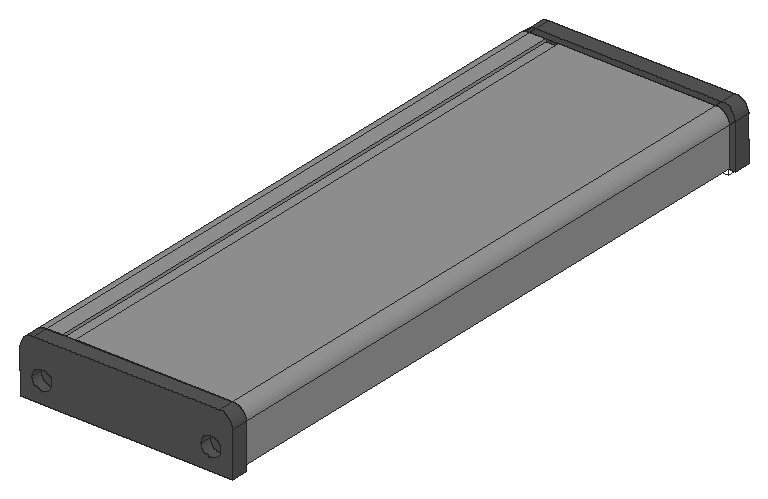
Revit family "JC KONTAKTER JCK267 FI", category Specialty Equipment, host Face, Revit 2025
Family settings
  Host = Face
  Round Connector Dimension = Use Diameter
  Part Type = Normal
  Enable Cutting in Views = Yes
  Cut with Voids When Loaded = No
  Maintain Annotation Orientation = Yes
  Shared = No
  Room Calculation Point = No
Parameters (values of type "JCK267")
  Valmistusmaa = "Ruotsi"
  URL = "https://www.jckontakter.fi/produkt/kyynarkytkin/kyynarkytkin-metalli/kyynarkytkin-jck267/"
  Tuotteen paino = "0.310 kg"
  Tekniken tuotekortti = "https://www.jckontakter.fi/wp-content/uploads/sites/4/Tekninen-tuotekortti_JCK267_FI-1.pdf"
  Päätypäät = POM Tenac C 4520
  Pienin nimellisvirta = "1mA/4 V DC"
  Nimellisestä nimellisvirrasta = "12 V Resitiivinen 6A Induktiivinen L/R 5 ms 6A, 24 V Resistiivinen 6A Induktiivinen L/R 5 ms 5A"
  Model = "JCK267"
  Mikrokytkin = "Standar NO IP67"
  Mikrokytkimien määrä = 2
  Manufacturer = "JC Kontakter"
  Linssi = Akryyli
  Kansi = Aluminum ENAW 6060
  Description = "Moderni kyynärpääkytkin, joka on varustettu ohjaavalla LED-valolla. Valmistettu mustasta eloksoidusta alumiinista mustalla päätykappaleella."
  Default Elevation = 800 mm
  Kotelo = Aluminum ENAW 6060
  CE asiakirja = "https://jckontakter.se/wp-content/uploads/CE_Dokument.pdf"
Reference planes
  plane 1 "Center (Front/Back)": y = 0
  plane 2: z = 0
  plane 3 "Center (Left/Right)": x = 0
  plane 4 "A": y = -122.5
Lines and regions (mm)
  symbolic lines
    curve 1: line (-50, 0, 50) -> (50, 0, 50)
    curve 2: line (-50, 0, 0) -> (-50, 0, 50)
    curve 3: line (50, 0, 0) -> (-50, 0, 0)
    curve 4: line (50, 0, 50) -> (50, 0, 0)
    curve 5: line (-40, 117.5, 0) -> (40, 117.5, 0)
    curve 6: line (-40, -122.5, 0) -> (-40, 117.5, 0)
    curve 7: line (40, -122.5, 0) -> (-40, -122.5, 0)
    curve 8: line (40, 117.5, 0) -> (40, -122.5, 0)
Text (mm)
  text "Poista tämä tunniste ennen käyttöä.\n\nSijoitusohjeet:\n\n1. Lataa projektiin.\n2. Vie kursori sen pinnan päälle, johon perhe tullaan sijoittamaan.\n3. Jos perhe näkyy kiertyneenä, valitse asetus \"kierrä sijoittamisen jälkeen\".\n4. Napsauta haluttua pintaa.\n5. Kirjoita haluttu kulma.\n6. Paina Enter." at (123.173, 1072.34, 0), in view "Ref. Level"
Dimensions and locks
  aligned and locked: plane 2 to host face
  aligned and locked: level to host face
Nested families
  nested 1: "AK_267" at (0, -122.5, 0) x (1, 0, 0) z (0, 1, 0), type "AK_267"
Definition of nested family "AK_267"
  Parameters (values of type "AK_267")
    Lens Finish = none
    Default Elevation = 1219.2 mm
    Core Finish = none
    URL = "https://jckontakter.se/produkt/armbagskontakter-metall/armbagskontakt-jck267-led-jckontakter/"
    Model = "JCK267"  # constant formula
    Manufacturer = "JC Kontakter"  # constant formula
    Lid Finish = none
    End Cap Finish = none
    Description = "JCK267 är en modern modell utrustad med vägledande LED-ljus(blå). Modellen har även en nedsänkt taktil rilla för att underlätta användande för synnedsatta. Tillverkad i silvergrå aluminium med svarta endcaps."  # constant formula
  Reference planes
    plane 1 "Center (Front/Back)": y = 0
    plane 2: z = 0
    plane 3 "Center (Left/Right)": x = 0
    plane 4 "1": x = 40
    plane 5 "A": z = 6
    plane 6 "B": z = 233
  Forms (mm)
    Extrusion 1, solid, material <- "Core Finish", detail levels medium+fine
      sketch origin (40, 0, 6) x (1, 0, 0) y (0, 1, 0)
        loop
          line (-80, 0) -> (-80, -1.2) -> (-75, -1.2) -> (-75, -8.75) -> (-73.2, -8.75) -> (-73.2, -1.2) -> (-11.2, -1.2) -> (-11.2, -8.75) -> (-2.249, -8.75)
          arc (-2.249, -8.75) -> (-3.331, -3.54) -> (-8.11, -1.2) r 6.05
          line (-8.11, -1.2) -> (-5.54, -1.2) -> (-5.54, 0) -> (-80, 0)
      from 0 to 227
    Extrusion 2, solid, material <- "Lid Finish", detail levels medium+fine
      sketch origin (-40, 0, 6) x (-1, 0, 0) y (0, -1, 0)
        loop
          line (-3.92, 11.41) -> (-0.92, 6.4) -> (0, 6.4) -> (0, 16.83)
          arc (0, 16.83) -> (-1.464, 20.366) -> (-5, 21.83) r 5
          line (-5, 21.83) -> (-11, 21.83) -> (-11, 20.83) -> (-16, 20.83) -> (-16, 21.83) -> (-75, 21.83)
          arc (-75, 21.83) -> (-78.536, 20.366) -> (-80, 16.83) r 5
          line (-80, 16.83) -> (-80, 2.38) -> (-78.4, 2.38) -> (-78.4, 11.41) -> (-3.92, 11.41)
      from 0 to 227
    Extrusion 3, solid, material <- "End Cap Finish", detail levels medium+fine
      sketch origin (-40, 0, 0) x (1, 0, 0) y (0, 1, 0)
        loop
          arc (0, -16.83) -> (1.464, -20.366) -> (5, -21.83) r 5
          line (5, -21.83) -> (75, -21.83)
          arc (75, -21.83) -> (78.536, -20.366) -> (80, -16.83) r 5
          line (80, -16.83) -> (80, 0) -> (0, 0) -> (0, -16.83)
      from 0 to 6
    Extrusion 4, void
      sketch origin (0, 0, 0) x (1, 0, 0) y (0, 1, 0)
        loop
          circle (-31.75, -8.25) r 3.75
        loop
          circle (31.75, -8.25) r 3.75
      from 0 to 4
    Extrusion 5, solid, material <- "End Cap Finish", detail levels medium+fine
      sketch origin (0, 0, 233) x (-1, 0, 0) y (0, -1, 0)
        loop
          arc (40, 16.83) -> (38.536, 20.366) -> (35, 21.83) r 5
          line (35, 21.83) -> (-35, 21.83)
          arc (-35, 21.83) -> (-38.536, 20.366) -> (-40, 16.83) r 5
          line (-40, 16.83) -> (-40, 0) -> (40, 0) -> (40, 16.83)
      from 3 to 9
    Extrusion 6, void
      sketch origin (0, 0, 233) x (-1, 0, 0) y (0, -1, 0)
        loop
          circle (31.75, 8.25) r 3.75
        loop
          circle (-31.75, 8.25) r 3.75
      from 6 to 9
    Extrusion 7, solid, material <- "Lens Finish", detail levels medium+fine
      sketch origin (0, 0, 233) x (-1, 0, 0) y (0, -1, 0)
        loop
          line (40, 0) -> (40, 16.83)
          arc (40, 16.83) -> (38.536, 20.366) -> (35, 21.83) r 5
          line (35, 21.83) -> (-35, 21.83)
          arc (-35, 21.83) -> (-38.536, 20.366) -> (-40, 16.83) r 5
          line (-40, 16.83) -> (-40, 0) -> (40, 0)
      from 0 to 3
  Cuts and joins
    Extrusion 4, Extrusion 6 cuts Extrusion 3
    Extrusion 6 cuts Extrusion 5
  Dimensions and locks
    aligned and locked: level to plane 2
